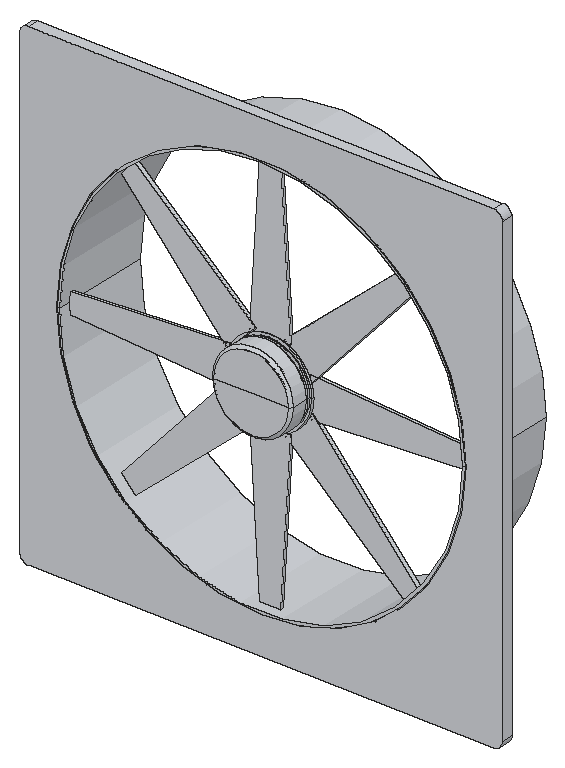
Revit family "CADS_Vent-Axia_MechEquip_Fan_ESP_3Ph4P - SUPPLY", category Mechanical Equipment, Revit 2020
Family settings
  Round Connector Dimension = Use Diameter
  Part Type = Normal
  OmniClass Number = 23.75.00.00
  OmniClass Title = Climate Control (HVAC)
  Work Plane-Based = No
  Always vertical = Yes
  Cut with Voids When Loaded = No
  Shared = No
  Room Calculation Point = No
Parameters (values of type "T100_ESP71034")
  WorkingPressure = 0.0 Pa
  WarrantyStartDate [instance] = "1900-12-31T23:59:59"
  WarrantyPeriod = ""
  WarrantyIdentifier = "N/A"
  WarrantyGuarantorParts = "tech@vent-axia.com"
  WarrantyGuarantorLabor = "tech@vent-axia.com"
  WarrantyGuarantor = "Vent-Axia Limited"
  WarrantyEndDate [instance] = "1900-12-31T23:59:59"
  WarrantyContent = ""
  TemperatureRange = ""
  TagNumber [instance] = "N/A"
  SustainabilityPerformance = ""
  Status = "New"
  Size = ""
  Shape = ""
  ServiceLifeType = ""
  ServiceLifeDuration = ""
  SerialNumber [instance] = "N/A"
  ReplacementCost = ""
  RatedVoltage = 0 V
  RatedCurrent = 0 A
  Quantity = 1
  ProductionYear = ""
  PressureCurve = ""
  PowerFactor = ""
  PointOfContact = ""
  NumberOfPoles = 0
  NominalWidth = 850 mm
  NominalLength = 176.5 mm
  NominalHeight = 850 mm
  NominalFrequencyRange = ""
  NominalDiameter = 710 mm
  ModelReference = "AXIAL PLATE FAN 710DIA 3PH 4 POLE, FC071-4DQ.6N.A7"
  ModelNumber = "T100_ESP71034"
  Material = ""
  ManufacturerE-Mail = "tech@vent-axia.com"
  ManufacturerAddress = "Fleming Way\nCrawley \nRH10 9YX"
  IsExtendedWarranty = no
  InsulationStandardClass = ""
  InstallationDate [instance] = "1900-12-31T23:59:59"
  IfcExportType [instance] = ""
  IfcExportAs = "IfcFanType"
  IP_Code = ""
  HasProtectiveEarth = no
  GrossWeight = 0.00 kg
  Grade = ""
  GlobalTradeItemNumber [instance] = "N/A"
  G = 20 mm
  Fitting Type = "Ignore"
  Finish = ""
  Features = ""
  ExteriorInsulation = no
  ExpectedServiceLife = 0
  Exclusions = ""
  E = 37 mm
  DurationUnit = "Year"
  Default Elevation = 0 mm
  Constituents = ""
  ConductorFunction = ""
  Color = ""
  CodePerformance = ""
  Category = ""
  CADS_Usage = 0
  CADS_Index = 0
  AssetType = "FIXED"
  AssetIdentifier [instance] = "N/A"
  AssemblyPlace = "UNKNOWN"
  ArticleNumber [instance] = "N/A"
  AirflowRateRange = 0.0 L/s
  Air Flow [instance] = 0.0 L/s
  AccessibilityPerformance = ""
  A = 850 mm
Types (8, lengths in mm): name | NominalWidth | NominalLength | NominalHeight | NominalDiameter | ModelReference | ModelNumber | G | E | A
  T100_ESP31534 | 430 | 84 | 430 | 315 | "AXIAL PLATE FAN 315DIA 3PH 4 POLE  142406-FC031" | "T100_ESP31534" | 19 | 84 | 430
  T100_ESP35534 | 485 | 97 | 485 | 355 | "AXIAL PLATE FAN 355DIA 3PH 4 POLE" | "T100_ESP35534" | 21 | 86 | 485
  T100_ESP40034 | 540 | 100 | 540 | 400 | "AXIAL PLATE FAN 400DIA 3PH 4 POLE" | "T100_ESP40034" | 12 | 93 | 540
  T100_ESP45034 | 575 | 139 | 575 | 450 | "AXIAL PLATE FAN 450DIA 3PH 4 POLE" | "T100_ESP45034" | 14 | 86 | 575
  T100_ESP50034 | 655 | 141 | 655 | 500 | "AXIAL PLATE FAN 500DIA 3PH 4 POLE" | "T100_ESP50034" | 16 | 84 | 655
  T100_ESP56034B | 725 | 142.5 | 725 | 560 | "560MM 3PH 4P PLATE FAN FC056-4DQ.4I.A7 169496" | "T100_ESP56034B" | 16 | 81 | 725
  T100_ESP63034 | 805 | 142.5 | 805 | 630 | "AXIAL PLATE FAN 630DIA 3PH 4 POLE" | "T100_ESP63034" | 20 | 82 | 805
  T100_ESP71034 | 850 | 176.5 | 850 | 710 | "AXIAL PLATE FAN 710DIA 3PH 4 POLE, FC071-4DQ.6N.A7" | "T100_ESP71034" | 20 | 37 | 850
Reference planes
  plane 1 "Center (Front/Back)": y = 0
  plane 2: z = 0
  plane 3 "Center (Left/Right)": x = 0
  plane 4: x = -355
  plane 5: x = 355
  plane 6 "F": y = -20
  plane 7 "B": y = 156.5
  plane 8: x = -425
  plane 9: x = -360
  plane 10 "top": z = 355
  plane 11: z = -355
  plane 12: x = 425
  plane 13: z = 425
  plane 14: z = -425
Forms (mm)
  Revolve 1, solid
    sketch origin (0, 0, 0) x (1, 0, 0) y (0, 1, 0)
      loop
        line (-360, -20) -> (-355, -20) -> (-355, 156.5) -> (-360, 156.5) -> (-360, -20)
      axis (0, 156.5) -> (0, -20)
    angle from 0 to 360
  Extrusion 2, solid
    sketch origin (0, 0, 0) x (1, 0, 0) y (0, 0, 1)
      loop
        arc (-410, 425) -> (-420.607, 420.607) -> (-425, 410) r 15
        line (-425, 410) -> (-425, -410)
        arc (-425, -410) -> (-420.607, -420.607) -> (-410, -425) r 15
        line (-410, -425) -> (410, -425)
        arc (410, -425) -> (420.607, -420.607) -> (425, -410) r 15
        line (425, -410) -> (425, 410)
        arc (425, 410) -> (420.607, 420.607) -> (410, 425) r 15
        line (410, 425) -> (-410, 425)
      loop
        circle (0, 0) r 360
    from 0 to 20 <- "G"
Dimensions and locks
  equal spacing: plane 4, plane 3 "Center (Left/Right)", plane 5
  "NominalLength": plane 7 "B" to plane 6 "F"
  "NominalDiameter": plane 4 to plane 5
  locked: plane 9 to plane 4 at 5
  equal spacing: plane 10 "top", level, plane 11
  "NominalDiameter": plane 10 "top" to plane 11
  equal spacing: plane 12, plane 3 "Center (Left/Right)", plane 8
  "A": plane 12 to plane 8
  equal spacing: plane 13, level, plane 14
  "A": plane 13 to plane 14
  "G": plane 6 "F" to plane 1 "Center (Front/Back)"
  aligned and locked: level to plane 2
  aligned and locked: Extrusion 2 sketch curve to Revolve 1  (x2)
Automatic sketch dimensions
  plane 6 "F" to Revolve 1 sketch curve = 0 mm
  Revolve 1 sketch curve to plane 4 = 0 mm
  Revolve 1 sketch curve to plane 3 "Center (Left/Right)" = 0 mm
  plane 1 "Center (Front/Back)" to Revolve 1 sketch curve = 0 mm
  Revolve 1 sketch curve to plane 7 "B" = 0 mm
  plane 6 "F" to Revolve 1 sketch curve = 115 mm
  Revolve 1 sketch curve to plane 9 = 0 mm
  Extrusion 2 sketch curve to plane 8 = 0 mm
  Extrusion 2 sketch curve to plane 13 = 0 mm
  Extrusion 2 sketch curve to plane 14 = 0 mm
  plane 12 to Extrusion 2 sketch curve = 0 mm
  plane 8 to Extrusion 2 sketch curve = 15 mm  (x2)
  plane 12 to Extrusion 2 sketch curve = 15 mm  (x2)
Nested families
  nested 1: "Fan for ESP" at (0, 0, 0), ND <- "NominalDiameter", BE <- "E", type "Fan for ESP"
    with hub 71 mm, ND 710 mm, BoltPCD 56.8 mm, Bolt Count 8, B_Diam 10 mm, BE 37 mm
  nested 2: "ESC Blade" at (0, 0, 0), type "ESC Blade"
    with a 20.00°, HR 71 mm, HD 142 mm, BT 35.5 mm, BR 284 mm, BH 40 mm, BD 710 mm, BB 71 mm
  nested 3: "ESC Blade" at (0, 0, 0) x (0.7071, 0, -0.7071) z (0.7071, 0, 0.7071), type "ESC Blade"
    with a 20.00°, HR 71 mm, HD 142 mm, BT 35.5 mm, BR 284 mm, BH 40 mm, BD 710 mm, BB 71 mm
  nested 4: "ESC Blade" at (0, 0, 0) x (0, 0, -1) z (1, 0, 0), type "ESC Blade"
    with a 20.00°, HR 71 mm, HD 142 mm, BT 35.5 mm, BR 284 mm, BH 40 mm, BD 710 mm, BB 71 mm
  nested 5: "ESC Blade" at (0, 0, 0) x (-0.7071, 0, -0.7071) z (0.7071, 0, -0.7071), type "ESC Blade"
    with a 20.00°, HR 71 mm, HD 142 mm, BT 35.5 mm, BR 284 mm, BH 40 mm, BD 710 mm, BB 71 mm
  nested 6: "ESC Blade" at (0, 0, 0) x (-1, 0, 0) z (0, 0, -1), type "ESC Blade"
    with a 20.00°, HR 71 mm, HD 142 mm, BT 35.5 mm, BR 284 mm, BH 40 mm, BD 710 mm, BB 71 mm
  nested 7: "ESC Blade" at (0, 0, 0) x (-0.7071, 0, -0.7071) z (-0.7071, 0, 0.7071), type "ESC Blade"
    with a 20.00°, HR 71 mm, HD 142 mm, BT 35.5 mm, BR 284 mm, BH 40 mm, BD 710 mm, BB 71 mm
  nested 8: "ESC Blade" at (0, 0, 0) x (0, 0, -1) z (-1, 0, 0), type "ESC Blade"
    with a 20.00°, HR 71 mm, HD 142 mm, BT 35.5 mm, BR 284 mm, BH 40 mm, BD 710 mm, BB 71 mm
  nested 9: "ESC Blade" at (0, 0, 0) x (0.7071, 0, -0.7071) z (-0.7071, 0, -0.7071), type "ESC Blade"
    with a 20.00°, HR 71 mm, HD 142 mm, BT 35.5 mm, BR 284 mm, BH 40 mm, BD 710 mm, BB 71 mm
Connectors
  hvac at (0, -20, 0), driven by "NominalDiameter", driven by "Air Flow"
    settings: on Revolve 1, index 1, duct flow 0.0 L/s, flow factor 0, pres drop 0.0 Pa, loss coef 0, conn angle 0.00°, conn width 304.8 mm, conn height 304.8 mm, conn diameter 710 mm, duct sys type 1, conn prof type 0, flow config 1, flow direction 1, loss method 0, conn ref index -1, conn util no, is conn primary yes, conn desc ""
  hvac at (0, 156.5, 0), driven by "NominalDiameter", driven by "Air Flow"
    settings: on Revolve 1, index 2, duct flow 0.0 L/s, flow factor 0, pres drop 0.0 Pa, loss coef 0, conn angle 0.00°, conn width 304.8 mm, conn height 304.8 mm, conn diameter 710 mm, duct sys type 1, conn prof type 0, flow config 0, flow direction 2, loss method 0, conn ref index -1, conn util no, is conn primary no, conn desc ""
Definition of nested family "Fan for ESP"
  Parameters (values of type "Fan for ESP")
    hub [instance] = ND / 10  # 25.1 mm
    ND [instance] = 251 mm
    Model = "."
    Default Elevation = 0 mm
    BoltPCD [instance] = hub - (hub * 0.2)  # 20.08 mm
    Bolt Count [instance] = if(hub < 50 mm, 6, 8)  # 6
    B_Diam [instance] = if(hub < 50 mm, 5 mm, 10 mm)  # 5 mm
    BE [instance] = 84 mm
  Reference planes
    plane 1 "Center (Front/Back)": y = 0
    plane 2: z = 0
    plane 3 "Center (Left/Right)": x = 0
    plane 4 "back": y = 20
    plane 5 "boss": y = -89
    plane 6 "B": z = 25.1
    plane 7: x = -30.1
    plane 8: x = -25.1
    plane 9 "hubface": y = -5
    plane 10: x = -20.1
    plane 11: y = -84
  Forms (mm)
    Revolve 1, solid
      sketch origin (0, 0, 0) x (1, 0, 0) y (0, 1, 0)
        loop
          line (0, -5) -> (0, 10.504) -> (-30.1, 10.504) -> (-30.1, -2.597) -> (-25.1, -2.597) -> (-25.1, -5) -> (0, -5)
        axis (0, 10.504) -> (0, -5)
      angle from 0 to 360
    Extrusion 2, solid, not visible
      sketch origin (0, -6.347, -4) x (-1, 0, 0) y (0, 0, 1)
        loop
          circle (0, 84) r 5
      from 0 to 3
    Revolve 3, solid
      sketch origin (0, 0, 0) x (1, 0, 0) y (0, 1, 0)
        loop
          line (-20.1, -5) -> (-25.1, -10) -> (-25.1, -84) -> (-20.1, -89) -> (0, -89) -> (0, -5) -> (-20.1, -5)
        axis (0, -5) -> (0, -89)
      angle from 0 to 360
  Lines and regions (mm)
    symbolic lines
      curve 1: circle (0, -89, 0) r 20.08 normal (0, 1, 0)
    model lines, not visible
      curve 2: line (0, -6.347, 85) -> (0, -6.347, 75)
  Dimensions and locks
    "hub": plane 6 "B" to plane 2
    "hub": nested 3 to plane 3 "Center (Left/Right)"
    "hub": nested 4 to plane 3 "Center (Left/Right)"
    "hub": nested 5 to plane 3 "Center (Left/Right)"
    "hub": plane 3 "Center (Left/Right)" to nested 6
    "hub": plane 3 "Center (Left/Right)" to nested 7
    "hub": plane 3 "Center (Left/Right)" to nested 8
    "hub": plane 3 "Center (Left/Right)" to nested 9
    "hub": plane 8 to plane 3 "Center (Left/Right)"
    plane 7 to plane 8 = 5 mm
    "BE": plane 5 "boss" to plane 9 "hubface"
    locked: plane 11 to plane 5 "boss" at 5
    plane 8 to plane 10 = 5 mm
    locked: plane 9 "hubface" to plane 1 "Center (Front/Back)" at 5
    diameter of Extrusion 2 sketch curve = 10 mm
    "BoltPCD": radius of curve 1
    aligned and locked: level to plane 2
    aligned and locked: plane 6 "B" to nested 1
  Automatic sketch dimensions
    Revolve 1 sketch curve to plane 7 = 0 mm
    Revolve 1 sketch curve to plane 8 = 0 mm
    Revolve 1 sketch curve to plane 3 "Center (Left/Right)" = 0 mm  (x2)
    Revolve 1 sketch curve to plane 9 "hubface" = 0 mm
    plane 1 "Center (Front/Back)" to Revolve 1 sketch curve = 2.597 mm
    plane 4 "back" to Revolve 1 sketch curve = 5 mm
    plane 4 "back" to Revolve 1 sketch curve = 9.496 mm
    Revolve 1 sketch curve to Revolve 1 sketch curve = 54.496 mm
    Revolve 3 sketch curve to plane 8 = 0 mm
    Revolve 3 sketch curve to plane 5 "boss" = 0 mm
    Revolve 3 sketch curve to plane 10 = 0 mm  (x2)
    Revolve 3 sketch curve to plane 9 "hubface" = 0 mm
    Revolve 3 sketch curve to plane 3 "Center (Left/Right)" = 0 mm  (x2)
    Revolve 3 sketch curve to plane 11 = 0 mm
    Revolve 3 sketch curve to plane 9 "hubface" = 5 mm
    plane 4 "back" to Revolve 3 sketch curve = 4.08 mm
    Revolve 3 sketch curve to plane 4 "back" = 3.828 mm
    curve 1 to level = 0 mm
    curve 1 to plane 3 "Center (Left/Right)" = 0 mm
  Nested families
    nested 1: "ESC Blade" at (0, 0, 0), BD <- "ND", HD <- "hub", type "ESC Blade"
      with a 20.00°, HR 25.1 mm, HD 50.2 mm, BT 12.55 mm, BR 100.4 mm, BH 40 mm, BD 251 mm, BB 25.1 mm
    nested 2: "ESC Blade" at (0, 0, 755), BD <- "ND", HD <- "hub", type "ESC Blade", not visible
      with a 20.00°, HR 25.1 mm, HD 50.2 mm, BT 12.55 mm, BR 100.4 mm, BH 40 mm, BD 251 mm, BB 25.1 mm
    nested 3: "ESC Blade" at (0, 0, 0) x (0.7071, 0, -0.7071) z (0.7071, 0, 0.7071), BD <- "ND", HD <- "hub", type "ESC Blade"
      with a 20.00°, HR 25.1 mm, HD 50.2 mm, BT 12.55 mm, BR 100.4 mm, BH 40 mm, BD 251 mm, BB 25.1 mm
    nested 4: "ESC Blade" at (0, 0, 0) x (0, 0, -1) z (1, 0, 0), BD <- "ND", HD <- "hub", type "ESC Blade"
      with a 20.00°, HR 25.1 mm, HD 50.2 mm, BT 12.55 mm, BR 100.4 mm, BH 40 mm, BD 251 mm, BB 25.1 mm
    nested 5: "ESC Blade" at (0, 0, 0) x (-0.7071, 0, -0.7071) z (0.7071, 0, -0.7071), BD <- "ND", HD <- "hub", type "ESC Blade"
      with a 20.00°, HR 25.1 mm, HD 50.2 mm, BT 12.55 mm, BR 100.4 mm, BH 40 mm, BD 251 mm, BB 25.1 mm
    nested 6: "ESC Blade" at (0, 0, 0) x (-1, 0, 0) z (0, 0, -1), BD <- "ND", HD <- "hub", type "ESC Blade"
      with a 20.00°, HR 25.1 mm, HD 50.2 mm, BT 12.55 mm, BR 100.4 mm, BH 40 mm, BD 251 mm, BB 25.1 mm
    nested 7: "ESC Blade" at (0, 0, 0) x (-0.7071, 0, -0.7071) z (-0.7071, 0, 0.7071), BD <- "ND", HD <- "hub", type "ESC Blade"
      with a 20.00°, HR 25.1 mm, HD 50.2 mm, BT 12.55 mm, BR 100.4 mm, BH 40 mm, BD 251 mm, BB 25.1 mm
    nested 8: "ESC Blade" at (0, 0, 0) x (0, 0, -1) z (-1, 0, 0), BD <- "ND", HD <- "hub", type "ESC Blade"
      with a 20.00°, HR 25.1 mm, HD 50.2 mm, BT 12.55 mm, BR 100.4 mm, BH 40 mm, BD 251 mm, BB 25.1 mm
    nested 9: "ESC Blade" at (0, 0, 0) x (0.7071, 0, -0.7071) z (-0.7071, 0, -0.7071), BD <- "ND", HD <- "hub", type "ESC Blade"
      with a 20.00°, HR 25.1 mm, HD 50.2 mm, BT 12.55 mm, BR 100.4 mm, BH 40 mm, BD 251 mm, BB 25.1 mm
  Definition of nested family "ESC Blade"
    Parameters (values of type "ESC Blade")
      a [instance] = 20.00°
      HR [instance] = HD / 2  # 30 mm
      HD [instance] = BD / 5  # 60 mm
      Default Elevation = 1219.2 mm
      BT [instance] = BD / 20  # 15 mm
      BR [instance] = (BD / 2) - HR  # 120 mm
      BH [instance] = 40 mm
      BD [instance] = 300 mm
      BB [instance] = BD / 10  # 30 mm
    Reference planes
      plane 1 "Center (Front/Back)": y = 0
      plane 2: z = 0
      plane 3 "Center (Left/Right)": x = 0
      plane 4 "Blade Bot": z = 30
      plane 5: x = -15
      plane 6: x = 15
      plane 7: x = -7.5
      plane 8: x = 7.5
    Forms (mm)
      Blend 1, solid
        base sketch origin (0, 0, 30) x (-1, 0, 0) y (0, -1, 0)
          loop
            line (15, 0) -> (-15, 0) -> (-15, -6) -> (15, -6) -> (15, 0)
        top sketch origin (0, 0, 30) x (-1, 0, 0) y (0, -1, 0)
          loop
            line (7.5, -6) -> (7.5, 0) -> (-7.5, 0) -> (-7.5, -6) -> (7.5, -6)
        from 0 to 120 <- "BR"
    Dimensions and locks
      "HR": plane 4 "Blade Bot" to level
      equal spacing: plane 8, plane 3 "Center (Left/Right)", plane 7
      "BT": plane 8 to plane 7
      equal spacing: plane 6, plane 3 "Center (Left/Right)", plane 5
      "BB": plane 6 to plane 5
      aligned and locked: level to plane 2
    Automatic sketch dimensions
      plane 1 "Center (Front/Back)" to Blend 1 sketch curve = 0 mm  (x2)
      Blend 1 sketch curve to plane 6 = 0 mm
      Blend 1 sketch curve to plane 5 = 0 mm
      Blend 1 sketch curve to plane 1 "Center (Front/Back)" = 6 mm  (x2)
      Blend 1 sketch curve to plane 8 = 0 mm
      Blend 1 sketch curve to plane 7 = 0 mm
Definition of nested family "ESC Blade"
  Parameters (values of type "ESC Blade")
    a [instance] = 20.00°
    HR [instance] = HD / 2  # 30 mm
    HD [instance] = BD / 5  # 60 mm
    Default Elevation = 1219.2 mm
    BT [instance] = BD / 20  # 15 mm
    BR [instance] = (BD / 2) - HR  # 120 mm
    BH [instance] = 40 mm
    BD [instance] = 300 mm
    BB [instance] = BD / 10  # 30 mm
  Reference planes
    plane 1 "Center (Front/Back)": y = 0
    plane 2: z = 0
    plane 3 "Center (Left/Right)": x = 0
    plane 4 "Blade Bot": z = 30
    plane 5: x = -15
    plane 6: x = 15
    plane 7: x = -7.5
    plane 8: x = 7.5
  Forms (mm)
    Blend 1, solid
      base sketch origin (0, 0, 30) x (-1, 0, 0) y (0, -1, 0)
        loop
          line (15, 0) -> (-15, 0) -> (-15, -6) -> (15, -6) -> (15, 0)
      top sketch origin (0, 0, 30) x (-1, 0, 0) y (0, -1, 0)
        loop
          line (7.5, -6) -> (7.5, 0) -> (-7.5, 0) -> (-7.5, -6) -> (7.5, -6)
      from 0 to 120 <- "BR"
  Dimensions and locks
    "HR": plane 4 "Blade Bot" to level
    equal spacing: plane 8, plane 3 "Center (Left/Right)", plane 7
    "BT": plane 8 to plane 7
    equal spacing: plane 6, plane 3 "Center (Left/Right)", plane 5
    "BB": plane 6 to plane 5
    aligned and locked: level to plane 2
  Automatic sketch dimensions
    plane 1 "Center (Front/Back)" to Blend 1 sketch curve = 0 mm  (x2)
    Blend 1 sketch curve to plane 6 = 0 mm
    Blend 1 sketch curve to plane 5 = 0 mm
    Blend 1 sketch curve to plane 1 "Center (Front/Back)" = 6 mm  (x2)
    Blend 1 sketch curve to plane 8 = 0 mm
    Blend 1 sketch curve to plane 7 = 0 mm
